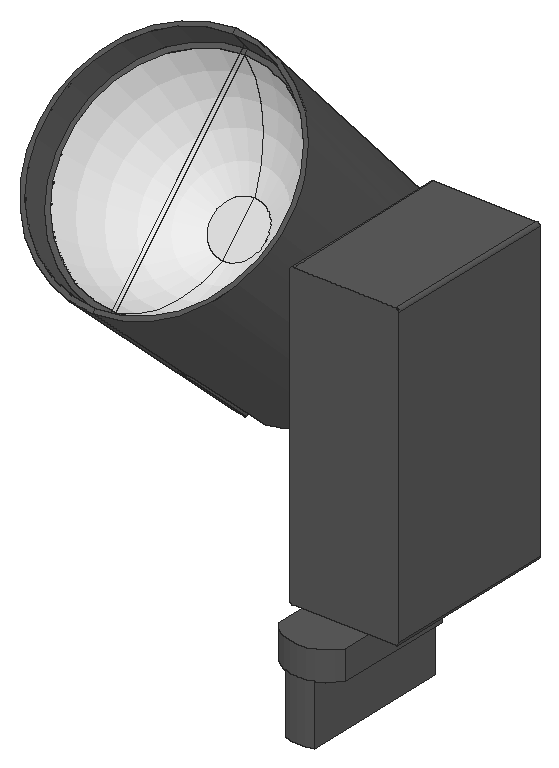
Revit family "0004894 Feilo Sylvania Lighting Fixture START TRACK SPOT L 55W 3K RA90 WB BLACK", category Lighting Fixtures, host Face, Revit 2017 (continued)
Definition of nested family "Start Track Spot Head"
  Types (96, lengths in mm): name | Wattage | built-in parameter 1150134 | Photometric Web File | Model | built-in parameter 1150105 | Lumens | built-in parameter 1150107 | built-in parameter 1150106 | HeadThickness_FEILO | HeadRibOffset_FEILO | HeadRibDepth_FEILO | HeadRibCutWidth_FEILO | HeadRibCutOffset_FEILO | HeadReflectorRadius_FEILO | HeadReflectorOffset_FEILO | HeadLEDRadius_FEILO | HeadHeight_FEILO | HeadDiffusorOffset_FEILO | HeadDiaOut_FEILO | HeadDiaIn_FEILO | HeadAxisFromTop_FEILO | Emit from Circle Diameter | built-in parameter 1150104 | Description | Apparent Load
    0004812 START TRACK SPOT S 14W 3K RA80 MB WHITE | 14 W | (empty or 0) | "0004812.ies" | "START TRACK SPOT S 14W 3K RA80 MB WHITE" | 120.32 (stored number, unit not read) | 1512 lm | 3000 (stored number, unit not read) | 1.2032 (stored number, unit not read) | 1.5 | 4.179 | 55.714 | 7.167 | 50.87 | 50.588 | 55.714 | 9.556 | 117 | 9.435 | 86 | 77.477 | 69.354 | 77.477 | 10.034 (stored number, unit not read) | "Integrated LED spotlight, Textured White - RAL9016, compact and minimalist design, ideal for retail applications, die-cast aluminium body, passive cooling heatsink. Beam angle: 36°, color temperature: 3000K , total system power: 14W, total fixture output: 1508 lm, LOR: 100%, colour rendering: Ra: 80 typical, LED Chromaticity: 3 step MacAdam ellipse, lifetime: >50000 hours at L70B50, energy class: A++, A+, A, IR/UV free light source without heat radiation, operating voltage: 220-240V / 50-60Hz, drive current: 350mA, electronic driver, non-dimmable, power factor: 0.92, electrical protection: Class II, Global Track 3 Phase adapter suitable for Global trac 3-circuit tracks, ingress protection rating: IP20, suitable for internal environment only, horizontal rotation: 355°, vertical tilt: 90°, dimensions: Ø86x140x200, weight: 0.940kg." | 14 VA
    0004811 START TRACK SPOT S 14W 3K RA80 NB WHITE | 14 W | (empty or 0) | "0004811.ies" | "START TRACK SPOT S 14W 3K RA80 NB WHITE" | 123.66 (stored number, unit not read) | 1554 lm | 3000 (stored number, unit not read) | 1.2366 (stored number, unit not read) | 1.5 | 4.179 | 55.714 | 7.167 | 50.87 | 50.588 | 55.714 | 9.556 | 117 | 9.435 | 86 | 77.477 | 69.354 | 77.477 | 10.312 (stored number, unit not read) | "Integrated LED spotlight, Textured White - RAL9016, compact and minimalist design, ideal for retail applications, die-cast aluminium body, passive cooling heatsink. Beam angle: 12°, color temperature: 3000K , total system power: 14W, total fixture output: 1551 lm, LOR: 100%, colour rendering: Ra: 80 typical, LED Chromaticity: 3 step MacAdam ellipse, lifetime: >50000 hours at L70B50, energy class: A++, A+, A, IR/UV free light source without heat radiation, operating voltage: 220-240V / 50-60Hz, drive current: 350mA, electronic driver, non-dimmable, power factor: 0.92, electrical protection: Class II, Global Track 3 Phase adapter suitable for Global trac 3-circuit tracks, ingress protection rating: IP20, suitable for internal environment only, horizontal rotation: 355°, vertical tilt: 90°, dimensions: Ø86x140x200, weight: 0.940kg." | 14 VA
  Reference planes
    plane 1 "Center (Front/Back)": y = 0
    plane 2: z = 0
    plane 3 "Center (Left/Right)": x = 0
    plane 4: x = 43
    plane 5: x = -43
    plane 6: x = -38.739
    plane 7: x = 38.739
    plane 8: z = 69.354
    plane 9: z = -47.646
    plane 10: x = -41.5
    plane 11: x = -37.239
    plane 12: z = -38.211
    plane 13: z = -35.211
    plane 14: z = 8.068
    plane 15: x = -9.556
    plane 16: x = -28.667
    plane 17: x = -19.111
    plane 18: x = -27.167
    plane 19: x = -17.611
    plane 20: x = -8.056
    plane 21: z = 13.64
    plane 22: x = -29.667
    plane 23: x = -26.167
    plane 24: x = -20.111
    plane 25: x = -16.611
    plane 26: x = -10.556
    plane 27: x = -7.056
    plane 28: x = -36.239
    plane 29: x = -40.5
    plane 30: z = 65.175
    plane 31: z = 60.997
    plane 32: z = 56.818
    plane 33: z = 18.484
    plane 34: y = -43
    plane 35: y = 43
    plane 36: y = 3.583
    plane 37: y = -3.583
    plane 38: y = -2.583
    plane 39: y = 2.583
    plane 40: y = 46
    plane 41: z = 13.5
    plane 42: z = -13.5
    plane 43: y = 39
    plane 44: x = 4.708
    plane 45: x = -2.458
    plane 46: x = -1.458
    plane 47: x = 1.458
  Forms (mm)
    Extrusion 1, solid
      sketch origin (4.2, 0, 0) x (1, 0, 0) y (0, 1, 0)
        loop
          line (-1219.2, 1219.2) -> (-1219.2, -1219.2) -> (1219.2, -1219.2) -> (1219.2, 1219.2) -> (-1219.2, 1219.2)
      from 0 to -68.017
    Revolve 2, solid, material <- "Material_1_FEILO", detail levels medium+fine
      sketch origin (0, 0, 0) x (1, 0, 0) y (0, 0, 1)
        loop
          line (-43, -47.646) -> (-41.5, -47.646) -> (-40.5, -35.211) -> (-38.739, -35.211)
          arc (-38.739, -35.211) -> (-30.16, -9.517) -> (-9.556, 8.068) r 50.588
          line (-9.556, 8.068) -> (0, 8.068) -> (0, 13.64) -> (-16.611, 13.64) -> (-17.611, 60.997) -> (-19.111, 60.997) -> (-20.111, 13.64) -> (-36.239, 13.64) -> (-37.239, 69.354) -> (-38.739, 69.354) -> (-43, -47.646)
        axis (0, 69.354) -> (0, -47.646)
      angle from 360 to 0
    Extrusion 3, void
      sketch origin (0, 0, 0) x (0, 1, 0) y (0, 0, 1)
        loop
          line (-3.583, 69.354) -> (-2.583, 18.484) -> (1.932, 18.484) -> (2.932, 69.354) -> (-3.583, 69.354)
      from 43 to -43
    Revolve 4, solid, material <- "Material_2_FEILO", detail levels medium+fine
      sketch origin (0, 0, 0) x (1, 0, 0) y (0, 0, 1)
        loop
          line (-41.5, -38.211) -> (0, -38.211) -> (0, -35.211) -> (-41.5, -35.211) -> (-41.5, -38.211)
        axis (0, -35.211) -> (0, -38.211)
      angle from 360 to 0
    Revolve 5, solid, material <- "Material_1_FEILO"
      sketch origin (0, 0, 0) x (0, 1, 0) y (0, 0, 1)
        loop
          line (46, 0) -> (39, 0) -> (39, -13.5) -> (46, -13.5) -> (46, 0)
        axis (39, 0) -> (46, 0)
      angle from 360 to 0
    Revolve 6, solid, material <- "Material_1_FEILO", detail levels medium+fine
      sketch origin (0, 0, 0) x (1, 0, 0) y (0, 0, 1)
        loop
          line (-29.667, 13.64) -> (-26.167, 13.64) -> (-27.167, 65.175) -> (-28.667, 65.175) -> (-29.667, 13.64)
        loop
          line (-10.556, 13.64) -> (-7.056, 13.64) -> (-7.833, 56.818) -> (-9.778, 56.818) -> (-10.556, 13.64)
        axis (0, 65.175) -> (0, 13.64)
      angle from 360 to 0
    Extrusion 7, void
      sketch origin (0, 0, 0) x (1, 0, 0) y (0, 0, 1)
        loop
          line (4.708, 69.354) -> (-2.458, 69.354) -> (-1.458, 13.64) -> (1.458, 13.64) -> (4.708, 69.354)
      from -43 to 43
    Revolve 8, solid, material <- "Material_1_FEILO", detail levels coarse
      sketch origin (0, 0, 0) x (1, 0, 0) y (0, 0, 1)
        loop
          line (0, 69.354) -> (-38.739, 69.354) -> (-43, -47.646) -> (-41.5, -47.646) -> (-40.731, -38.211) -> (0, -38.211) -> (0, 69.354)
        axis (0, 69.354) -> (0, -47.646)
      angle from 360 to 0
  Cuts and joins
    Extrusion 3 cuts Revolve 2
    Extrusion 7 cuts Revolve 6
  Dimensions and locks
    equal spacing: plane 7, plane 3 "Center (Left/Right)", plane 6
    equal spacing: plane 4, plane 3 "Center (Left/Right)", plane 5
    "HeadDiaOut_FEILO": plane 4 to plane 5
    "HeadDiaIn_FEILO": plane 7 to plane 6
    "HeadHeight_FEILO": plane 8 to plane 9
    "HeadThickness_FEILO": plane 10 to plane 5
    "HeadThickness_FEILO": plane 11 to plane 6
    "HeadDiffusorOffset_FEILO": plane 12 to plane 9
    "HeadDiffusorThickness_FEILO": plane 13 to plane 12
    "HeadReflectorOffset_FEILO": plane 14 to plane 9
    "HeadLEDRadius_FEILO": plane 3 "Center (Left/Right)" to plane 15
    "HeadLEDRadius_FEILO": plane 15 to plane 17
    "HeadLEDRadius_FEILO": plane 17 to plane 16
    "HeadThickness_FEILO": plane 18 to plane 16
    "HeadThickness_FEILO": plane 19 to plane 17
    "HeadThickness_FEILO": plane 20 to plane 15
    "HeadRibDepth_FEILO": plane 8 to plane 21
    "HeadDraft_FEILO": plane 16 to plane 22
    "HeadDraft_FEILO": plane 23 to plane 18
    "HeadDraft_FEILO": plane 17 to plane 24
    "HeadDraft_FEILO": plane 25 to plane 19
    "HeadDraft_FEILO": plane 15 to plane 26
    "HeadDraft_FEILO": plane 27 to plane 20
    "HeadDraft_FEILO": plane 29 to plane 10
    "HeadDraft_FEILO": plane 28 to plane 11
    "HeadRibOffset_FEILO": plane 8 to plane 30
    "HeadRibOffset_FEILO": plane 30 to plane 31
    "HeadRibOffset_FEILO": plane 31 to plane 32
    "HeadAxisFromTop_FEILO": plane 8 to plane 2
    "HeadRibCutOffset_FEILO": plane 8 to plane 33
    equal spacing: plane 34, plane 1 "Center (Front/Back)", plane 35
    "HeadDiaOut_FEILO": plane 34 to plane 35
    equal spacing: plane 38, plane 1 "Center (Front/Back)", plane 39
    equal spacing: plane 37, plane 1 "Center (Front/Back)", plane 36
    "HeadRibCutWidth_FEILO": plane 37 to plane 36
    "HeadDraft_FEILO": plane 37 to plane 38
    locked: plane 35 to plane 40 at 3
    equal spacing: plane 41, plane 2, plane 42
    locked: plane 42 to plane 41 at 27
    locked: plane 43 to plane 35 at 4
    equal spacing: plane 45, imposter light, plane 44
    "HeadDraft_FEILO": plane 46 to plane 45
    "HeadRibCutWidth_FEILO": plane 44 to plane 45
    equal spacing: plane 47, plane 3 "Center (Left/Right)", plane 46
    "HeadReflectorRadius_FEILO": radius of Revolve 2 sketch curve
    aligned and locked: plane 2 to Extrusion 1
    aligned and locked: level to Extrusion 1
    aligned and locked: Revolve 2 sketch curve to plane 3 "Center (Left/Right)"  (x2)
    aligned and locked: plane 9 to Revolve 2 sketch curve  (x2)
    aligned and locked: plane 5 to Revolve 2 sketch curve
    aligned and locked: plane 10 to Revolve 2 sketch curve
    aligned and locked: plane 14 to Revolve 2 sketch curve
    aligned and locked: plane 8 to Revolve 2 sketch curve
    aligned and locked: Revolve 2 sketch curve to plane 13
    aligned and locked: plane 12 to Revolve 4 sketch curve
    aligned and locked: plane 3 "Center (Left/Right)" to Revolve 4 sketch curve
    aligned and locked: Revolve 4 sketch curve to plane 10
    aligned and locked: Revolve 4 sketch curve to plane 3 "Center (Left/Right)"
    aligned and locked: plane 12 to imposter light
    aligned and locked: imposter light to plane 1 "Center (Front/Back)"
    aligned and locked: Revolve 5 sketch curve to plane 2
    aligned and locked: plane 43 to Revolve 5 sketch curve
    aligned and locked: plane 42 to Revolve 5 sketch curve
    aligned and locked: Revolve 6 sketch curve to plane 3 "Center (Left/Right)"
    aligned and locked: plane 22 to Revolve 6 sketch curve
    aligned and locked: plane 30 to Revolve 6 sketch curve
    aligned and locked: plane 23 to Revolve 6 sketch curve
    aligned and locked: Revolve 6 sketch curve to plane 21  (x2)
    aligned and locked: plane 21 to Revolve 6 sketch curve
    aligned and locked: plane 17 to Revolve 2 sketch curve
    aligned and locked: plane 19 to Revolve 2 sketch curve
    aligned and locked: plane 31 to Revolve 2 sketch curve
    aligned and locked: plane 21 to Revolve 2 sketch curve
    aligned and locked: Extrusion 3 to plane 8
    aligned and locked: plane 33 to Extrusion 3
    aligned and locked: plane 8 to Extrusion 3 sketch curve
    aligned and locked: Extrusion 3 sketch curve to plane 33
    aligned and locked: Extrusion 3 to plane 5
    aligned and locked: plane 4 to Extrusion 3
    aligned and locked: plane 32 to Revolve 6 sketch curve
    aligned and locked: plane 44 to Extrusion 7 sketch curve
    aligned and locked: Extrusion 7 sketch curve to plane 8
    aligned and locked: plane 46 to Extrusion 7 sketch curve
    aligned and locked: plane 21 to Extrusion 7 sketch curve
    aligned and locked: plane 34 to Extrusion 7
    aligned and locked: Extrusion 7 to plane 35
    aligned and locked: Revolve 4 sketch curve to plane 13
    aligned and locked: Revolve 5 sketch curve to plane 40
    aligned and locked: Revolve 8 sketch curve to plane 3 "Center (Left/Right)"
    aligned and locked: Revolve 8 sketch curve to cut or joined group of Revolve 2, Extrusion 3  (x3)
    aligned and locked: plane 5 to Revolve 8 sketch curve
    aligned and locked: plane 3 "Center (Left/Right)" to Revolve 8 sketch curve
    aligned and locked: plane 12 to Revolve 8 sketch curve
  Automatic sketch dimensions
    Extrusion 1 sketch curve to Extrusion 1 sketch curve = 2438.4 mm  (x2)
    Extrusion 3 sketch curve to plane 37 = 0 mm
    Extrusion 3 sketch curve to plane 38 = 0 mm
    plane 39 to Extrusion 3 sketch curve = 0.651 mm
    Extrusion 3 sketch curve to plane 39 = 0.349 mm
    Revolve 6 sketch curve to plane 16 = 0 mm
    Revolve 6 sketch curve to plane 18 = 0 mm
    Revolve 6 sketch curve to plane 26 = 0 mm
    Revolve 6 sketch curve to plane 27 = 0 mm
    Revolve 6 sketch curve to plane 15 = 0.222 mm
    plane 9 to Revolve 6 sketch curve = 559.103 mm
    Revolve 6 sketch curve to plane 8 = 2535.555 mm
    plane 20 to Revolve 6 sketch curve = 0.222 mm
    Revolve 2 sketch curve to plane 29 = 0 mm
    Revolve 2 sketch curve to plane 6 = 0 mm  (x2)
    Revolve 2 sketch curve to plane 11 = 0 mm
    Revolve 2 sketch curve to plane 21 = 0 mm
    Revolve 2 sketch curve to plane 28 = 0 mm
    Revolve 2 sketch curve to plane 24 = 0 mm
    Revolve 2 sketch curve to plane 25 = 0 mm
    Revolve 2 sketch curve to plane 15 = 0 mm
    Revolve 2 sketch curve to Revolve 2 sketch curve = 557.155 mm
    Revolve 2 sketch curve to plane 8 = 2535.558 mm
    Extrusion 7 sketch curve to plane 45 = 0 mm
    Extrusion 7 sketch curve to plane 47 = 0 mm
    plane 9 to Revolve 4 sketch curve = 559.103 mm
    Revolve 4 sketch curve to plane 8 = 2535.555 mm
    Revolve 5 sketch curve to level = 0 mm
    plane 34 to Revolve 5 sketch curve = 1968.092 mm
    Revolve 5 sketch curve to plane 40 = 1405.763 mm
    Revolve 8 sketch curve to plane 6 = 0 mm
    Revolve 8 sketch curve to plane 29 = 0.231 mm
    plane 9 to Revolve 8 sketch curve = 559.103 mm
    Revolve 8 sketch curve to Revolve 8 sketch curve = 2535.555 mm
Definition of nested family "Start Track Spot Box"
  Parameters (values of type "Type Large White")
    URL = "http://www.feilosylvania.com"
    Type Image = (empty or 0)
    Type Comments = "n/a"
    Small_FEILO = no
    Material_3_FEILO = none
    Model = ""
    Manufacturer = "Feilo Sylvania"
    Keynote = ""
    Material_2_FEILO = none
    Description = ""
    Default Elevation = 1219.2 mm
    Cost = 0
    Material_1_FEILO = none
    BoxWidth_FEILO = 49 mm
    BoxStartAngle_FEILO [instance] = 0.00°
    BoxRadius_FEILO = 1.5 mm
    BoxHeight_FEILO = if(Small_FEILO, 112 mm, 136 mm)  # 136 mm
    BoxEndAngle_FEILO [instance] = BoxStartAngle_FEILO - 180.00°  # -180.00°
    BoxDepth_FEILO = if(Small_FEILO, 71.5 mm, 79 mm)  # 79 mm
    BoxAxisVerticalOffset_FEILO = 16 mm
    BoxAxisOffset_FEILO = BoxHeight_FEILO / 6.8  # 20 mm
    Assembly Code = ""
    Material_4_FEILO = none
  Types (4, lengths in mm): name | Small_FEILO | BoxHeight_FEILO | BoxDepth_FEILO | BoxAxisOffset_FEILO
    Type Large White | no | 136 | 79 | 20
    Type Small White | yes | 112 | 71.5 | 16.471
    Type Small Black | yes | 112 | 71.5 | 16.471
    Type Large Black | no | 136 | 79 | 20
  Reference planes
    plane 1 "Center (Front/Back)": y = 0
    plane 2: z = 0
    plane 3 "Center (Left/Right)": x = 0
    plane 4: x = 24.5
    plane 5: x = -24.5
    plane 6: y = 68
    plane 7: y = -68
    plane 8: z = 39.5
    plane 9: z = -39.5
    plane 10: y = -48
    plane 11: x = 30.5
    plane 12: x = 8.5
    plane 13: x = 21.5
    plane 14: y = 70
    plane 15: y = 72
    plane 16: x = 19.5
  Forms (mm)
    Extrusion 1, solid
      sketch origin (4.2, 0, 0) x (1, 0, 0) y (0, 1, 0)
        loop
          line (-1219.2, 1219.2) -> (-1219.2, -1219.2) -> (1219.2, -1219.2) -> (1219.2, 1219.2) -> (-1219.2, 1219.2)
      from 0 to -68.017
    Extrusion 2, solid, material <- "Material_1_FEILO"
      sketch origin (0, 0, 0) x (1, 0, 0) y (0, 1, 0)
        loop
          arc (-23, 68) -> (-24.061, 67.561) -> (-24.5, 66.5) r 1.5
          line (-24.5, 66.5) -> (-24.5, -66.5)
          arc (-24.5, -66.5) -> (-24.061, -67.561) -> (-23, -68) r 1.5
          line (-23, -68) -> (23, -68)
          arc (23, -68) -> (24.061, -67.561) -> (24.5, -66.5) r 1.5
          line (24.5, -66.5) -> (24.5, 66.5)
          arc (24.5, 66.5) -> (24.061, 67.561) -> (23, 68) r 1.5
          line (23, 68) -> (-23, 68)
      from -39.5 to 39.5
    Revolve 3, solid, not visible
      sketch origin (0, 0, 0) x (1, 0, 0) y (0, 1, 0)
        loop
          line (30.5, -48) -> (24.5, -48) -> (24.5, -68) -> (30.5, -68) -> (30.5, -48)
        axis (30.5, -48) -> (24.5, -48)
      angle from 0 <- "BoxStartAngle_FEILO" to -180 <- "BoxEndAngle_FEILO"
    Revolve 4, solid, material <- "Material_2_FEILO"
      sketch origin (0, 0, 0) x (1, 0, 0) y (0, 1, 0)
        loop
          line (8.5, 68) -> (19.5, 68) -> (19.5, 70) -> (21.5, 70) -> (21.5, 72) -> (8.5, 72) -> (8.5, 68)
        axis (8.5, 72) -> (8.5, 68)
      angle from 360 to 0
  Dimensions and locks
    equal spacing: plane 5, plane 3 "Center (Left/Right)", plane 4
    "BoxWidth_FEILO": plane 5 to plane 4
    equal spacing: plane 7, plane 1 "Center (Front/Back)", plane 6
    "BoxHeight_FEILO": plane 7 to plane 6
    equal spacing: plane 8, plane 2, plane 9
    "BoxDepth_FEILO": plane 8 to plane 9
    "BoxAxisOffset_FEILO": plane 7 to plane 10
    locked: plane 4 to plane 11 at 6
    "BoxAxisVerticalOffset_FEILO": plane 12 to plane 4
    locked: plane 12 to plane 13 at 13
    plane 6 to plane 14 to plane 15 = 2 mm locked, 2 mm locked
    locked: plane 12 to plane 16 at 11
    "BoxRadius_FEILO": radius of Extrusion 2 sketch curve  (x4)
    aligned and locked: plane 2 to Extrusion 1
    aligned and locked: level to Extrusion 1
    aligned and locked: plane 6 to Extrusion 2 sketch curve
    aligned and locked: plane 5 to Extrusion 2 sketch curve
    aligned and locked: Extrusion 2 sketch curve to plane 7
    aligned and locked: Extrusion 2 sketch curve to plane 4
    aligned and locked: Extrusion 2 to plane 8
    aligned and locked: plane 9 to Extrusion 2
    aligned and locked: Revolve 3 sketch curve to plane 10  (x2)
    aligned and locked: plane 11 to Revolve 3 sketch curve
    aligned and locked: Revolve 3 sketch curve to plane 4
    aligned and locked: plane 7 to Revolve 3 sketch curve
    aligned and locked: Revolve 4 sketch curve to plane 12
    aligned and locked: plane 6 to Revolve 4 sketch curve
    aligned and locked: plane 12 to Revolve 4 sketch curve
    aligned and locked: plane 15 to Revolve 4 sketch curve
    aligned and locked: Revolve 4 sketch curve to plane 13
    aligned and locked: Revolve 4 sketch curve to plane 14
    aligned and locked: Revolve 4 sketch curve to plane 16
    aligned and locked: Revolve 4 sketch curve to plane 6
  Automatic sketch dimensions
    Extrusion 1 sketch curve to Extrusion 1 sketch curve = 2438.4 mm  (x2)
    Revolve 3 sketch curve to plane 5 = 1499.5 mm
    plane 11 to Revolve 3 sketch curve = 1493.5 mm
    plane 15 to Revolve 4 sketch curve = 0 mm
    plane 7 to Revolve 4 sketch curve = 1456 mm
    Revolve 4 sketch curve to plane 15 = 1452 mm
